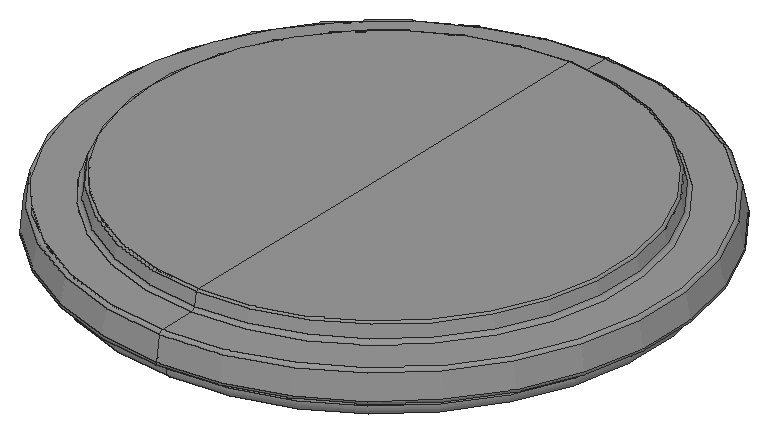
Revit family "FMK13_63_UN_Surface-mounted_ETK", category Lighting Fixtures, Revit 2017 (continued)
Definition of nested family "FMK.1 - Lightsource"
  Types (13, lengths in mm): name | Wattage Comments | Photometric Web File | built-in parameter 1150142 | Apparent Load
    FMK.1109.10 - Ø250x48 / 12W | "12W" | "FMK.1109.10.ies" | "IESNA:LM-63-2002\r\n[TEST] /2015\r\n[TESTLAB] ies2eulumdat.appspot.com\r\n[ISSUEDATE] 2021-06-16T09:00:21.829\r\n[MANUFAC] www.etk.nl\r\n[LUMCAT] FMK.1109.10\r\n[LUMINAIRE] FMK.1 LED 12W 3000/4000/5700K ø250 niet dimbaar\r\n[LAMPCAT] LED\r\n[LAMP] LED\r\nTILT=NONE\r\n1\t1150\t1\t46\t180\t1\t2\t-0.250\t-0.250\t0\r\n1.0\t1.0\t11.80\r\n0\t 2\t 4\t 6\t 8\t 10\t 12\t 14\t 16\t 18\r\n20\t 22\t 24\t 26\t 28\t 30\t 32\t 34\t 36\t 38\r\n40\t 42\t 44\t 46\t 48\t 50\t 52\t 54\t 56\t 58\r\n60\t 62\t 64\t 66\t 68\t 70\t 72\t 74\t 76\t 78\r\n80\t 82\t 84\t 86\t 88\t 90\r\n0\t 2\t 4\t 6\t 8\t 10\t 12\t 14\t 16\t 18\r\n20\t 22\t 24\t 26\t 28\t 30\t 32\t 34\t 36\t 38\r\n40\t 42\t 44\t 46\t 48\t 50\t 52\t 54\t 56\t 58\r\n60\t 62\t 64\t 66\t 68\t 70\t 72\t 74\t 76\t 78\r\n80\t 82\t 84\t 86\t 88\t 90\t 92\t 94\t 96\t 98\r\n100\t 102\t 104\t 106\t 108\t 110\t 112\t 114\t 116\t 118\r\n120\t 122\t 124\t 126\t 128\t 130\t 132\t 134\t 136\t 138\r\n140\t 142\t 144\t 146\t 148\t 150\t 152\t 154\t 156\t 158\r\n160\t 162\t 164\t 166\t 168\t 170\t 172\t 174\t 176\t 178\r\n180\t 182\t 184\t 186\t 188\t 190\t 192\t 194\t 196\t 198\r\n200\t 202\t 204\t 206\t 208\t 210\t 212\t 214\t 216\t 218\r\n220\t 222\t 224\t 226\t 228\t 230\t 232\t 234\t 236\t 238\r\n240\t 242\t 244\t 246\t 248\t 250\t 252\t 254\t 256\t 258\r\n260\t 262\t 264\t 266\t 268\t 270\t 272\t 274\t 276\t 278\r\n280\t 282\t 284\t 286\t 288\t 290\t 292\t 294\t 296\t 298\r\n300\t 302\t 304\t 306\t 308\t 310\t 312\t 314\t 316\t 318\r\n320\t 322\t 324\t 326\t 328\t 330\t 332\t 334\t 336\t 338\r\n340\t 342\t 344\t 346\t 348\t 350\t 352\t 354\t 356\t 358\r\n\r\n405.3384\t404.7765\t404.2265\t402.9975\t401.1013\t399.2051\t395.3191\t391.4331\t387.5471\t383.661\r\n379.7751\t373.4779\t367.169\t360.8717\t354.5746\t348.2657\t339.7094\t331.1415\t322.5852\t314.029\r\n305.461\t294.8096\t284.1582\t273.5069\t262.8555\t252.2041\t239.7267\t227.261\t214.7837\t202.3181\r\n189.8525\t177.3751\t164.9094\t152.432\t139.9664\t127.4891\t0\t0\t0\t0\r\n0\t0\t0\t0\t0\t0\r\n405.3384\t404.7925\t404.2577\t403.0448\t401.1686\t399.2994\t395.4335\t391.5606\t387.7102\t383.8203\r\n379.9334\t373.6444\t367.3443\t361.0453\t354.7325\t348.4388\t339.8983\t331.3616\t322.8117\t314.2627\r\n305.722\t295.0872\t284.4404\t273.8022\t263.1576\t252.5163\t240.0548\t227.5873\t215.131\t202.664\r\n190.1945\t177.7378\t165.2697\t152.8012\t140.3312\t128.1946\t0.3296\t0\t0\t0\r\n0\t0\t0\t0\t0\t0\r\n405.3384\t404.8094\t404.2892\t403.0935\t401.2796\t399.4809\t395.6213\t391.7396\t387.8385\t383.9437\r\n380.072\t373.802\t367.5085\t361.2065\t354.9129\t348.6531\t340.137\t331.5961\t323.0451\t314.5012\r\n305.9895\t295.3818\t284.734\t274.0862\t263.4264\t252.8071\t240.376\t227.9231\t215.4572\t202.995\r\n190.53\t178.0631\t165.6056\t153.1389\t140.6717\t129.4859\t1.3419\t0\t0\t0\r\n0\t0\t0\t0\t0\t0\r\n405.3384\t404.8271\t404.3209\t403.1488\t401.3532\t399.5783\t395.7291\t391.8382\t387.9181\t384.0265\r\n380.1901\t373.9544\t367.6616\t361.3486\t355.0482\t348.8012\t340.3437\t331.8018\t323.2501\t314.6929\r\n306.2129\t295.662\t285.012\t274.3604\t263.7094\t253.1247\t240.74\t228.2758\t215.8122\t203.3491\r\n190.8749\t178.4127\t165.9503\t153.4898\t141.027\t131.3458\t3.1025\t0\t0\t0\r\n0\t0\t0\t0\t0\t0\r\n405.3384\t404.8458\t404.3591\t403.1978\t401.4167\t399.6486\t395.7816\t391.8937\t388.0038\t384.1068\r\n380.2987\t374.1143\t367.817\t361.5156\t355.2003\t348.9967\t340.5979\t332.043\t323.4957\t314.942\r\n306.4955\t295.9896\t285.3021\t274.6328\t263.9659\t253.4202\t241.0823\t228.6129\t216.1591\t203.6915\r\n191.2234\t178.7558\t166.3001\t153.8352\t141.371\t133.6544\t5.718\t0\t0\t0\r\n0\t0\t0\t0\t0\t0\r\n405.3384\t404.8652\t404.3908\t403.2459\t401.4706\t399.6646\t395.8675\t391.9843\t388.0857\t384.1821\r\n380.4316\t374.3456\t368.0256\t361.7021\t355.3697\t349.2\t340.8799\t332.2872\t323.6935\t315.0968\r\n306.6804\t296.3012\t285.6181\t274.9391\t264.248\t253.707\t241.4578\t228.9766\t216.4988\t204.0245\r\n191.5571\t179.0864\t166.6186\t154.1544\t141.6922\t136.24\t9.3369\t0\t0\t0\r\n0\t0\t0\t0\t0\t0\r\n405.3384\t404.8854\t404.4219\t403.2933\t401.5055\t399.7186\t395.9651\t392.0842\t388.1903\t384.3067\r\n380.5784\t374.5562\t368.2162\t361.8639\t355.4958\t349.3364\t341.1183\t332.5123\t323.9013\t315.2964\r\n306.9063\t296.6299\t285.9122\t275.1976\t264.4831\t253.9575\t241.8218\t229.3201\t216.8328\t204.3396\r\n191.8483\t179.3695\t166.8926\t154.4222\t141.9565\t138.8551\t14.1501\t0\t0\t0\r\n0\t0\t0\t0\t0\t0\r\n405.3384\t404.9066\t404.4521\t403.3398\t401.5506\t399.7766\t396.0731\t392.2029\t388.3231\t384.3922\r\n380.6589\t374.7488\t368.3792\t361.9898\t355.5837\t349.4181\t341.3685\t332.7528\t324.1099\t315.4532\r\n307.0598\t296.9581\t286.2249\t275.4731\t264.7159\t254.1799\t242.1928\t229.6762\t217.1659\t204.6692\r\n192.1717\t179.6758\t167.1817\t154.6978\t142.2295\t141.3105\t20.401\t0\t0\t0\r\n0\t0\t0\t0\t0\t0\r\n405.3384\t404.9688\t404.4817\t403.3908\t401.5946\t399.8358\t396.2032\t392.3475\t388.4203\t384.4425\r\n380.7195\t374.9437\t368.5473\t362.1238\t355.6851\t349.5134\t341.9282\t332.9785\t324.3069\t315.6402\r\n306.9436\t297.5694\t286.5262\t275.7395\t264.9593\t254.1623\t242.7912\t230.0358\t217.5005\t204.986\r\n192.4711\t179.9636\t167.4644\t154.9748\t142.4941\t143.2492\t28.3764\t0\t0\t0\r\n0\t0\t0\t0\t0\t0\r\n405.3384\t404.9901\t404.5102\t403.434\t401.6375\t399.8986\t396.3675\t392.4653\t388.4946\t384.4886\r\n380.7515\t375.1532\t368.7296\t362.2829\t355.7949\t349.2691\t342.1908\t333.257\t324.528\t315.7751\r\n307.0363\t297.9246\t286.8722\t276.0236\t265.1733\t254.3419\t243.18\t230.433\t217.8766\t205.3224\r\n192.7845\t180.2462\t167.7206\t155.2142\t142.724\t144.3059\t38.4235\t0\t0\t0\r\n0\t0\t0\t0\t0\t0\r\n405.3384\t405.0108\t404.5376\t403.4745\t401.6757\t399.9613\t396.5103\t392.5677\t388.5717\t384.5293\r\n380.4421\t375.6788\t368.9428\t362.4278\t355.8852\t349.3419\t342.4468\t333.4846\t324.7196\t315.9401\r\n307.1422\t298.1755\t287.1691\t276.2852\t265.4162\t254.5351\t243.54\t230.8321\t218.2158\t205.6051\r\n193.0422\t180.5018\t167.9628\t155.4439\t142.9509\t130.4715\t80.1717\t0\t0\t0\r\n0\t0\t0\t0\t0\t0\r\n405.3384\t405.0308\t404.5638\t403.5122\t401.7197\t400.0344\t396.6479\t392.675\t388.642\t384.5539\r\n380.446\t375.8849\t369.1475\t362.5941\t356.0076\t349.3402\t342.606\t333.7678\t324.9507\t316.0958\r\n307.1888\t298.3823\t287.5427\t276.5987\t265.6547\t254.6769\t243.7733\t231.1892\t218.5583\t205.9536\r\n193.3574\t180.7795\t168.2176\t155.6732\t143.1664\t130.6811\t92.6587\t0\t0\t0\r\n0\t0\t0\t0\t0\t0\r\n405.3384\t405.0504\t404.5956\t403.547\t401.7653\t400.0733\t397.0342\t392.7846\t388.7175\t384.6009\r\n380.4658\t376.0643\t369.3866\t362.7735\t356.0799\t349.3699\t342.7566\t334.0832\t325.1628\t316.2179\r\n307.2752\t298.5357\t287.9146\t276.8913\t265.8705\t254.8646\t244.0337\t231.6235\t218.9315\t206.265\r\n193.6356\t181.0339\t168.4572\t155.9156\t143.3861\t130.8825\t104.473\t0\t0\t0\r\n0\t0\t0\t0\t0\t0\r\n405.3384\t405.0692\t404.6173\t403.5726\t401.812\t400.0922\t397.1653\t392.8976\t388.795\t384.6787\r\n380.4567\t376.1942\t369.6246\t362.9226\t356.2055\t349.4272\t342.8367\t334.3769\t325.3805\t316.3703\r\n307.3625\t298.3377\t288.5546\t277.2123\t266.1258\t255.0391\t244.1559\t232.0335\t219.3073\t206.6258\r\n193.9576\t181.3129\t168.7045\t156.1324\t143.5875\t131.0872\t115.0185\t0\t0\t0\r\n0\t0\t0\t0\t0\t0\r\n405.3384\t405.0876\t404.6362\t403.6022\t401.8688\t399.828\t397.2783\t392.9976\t388.9023\t384.7385\r\n380.4432\t376.2623\t369.8607\t363.1303\t356.3361\t349.4819\t342.5273\t334.9205\t325.6274\t316.563\r\n307.4647\t298.325\t288.8953\t277.552\t266.3836\t255.2249\t244.066\t232.6598\t219.71\t206.9637\r\n194.2635\t181.5828\t168.9417\t156.3369\t143.7678\t131.2452\t123.6219\t0\t0\t0\r\n0\t0\t0\t0\t0\t0\r\n405.3384\t405.1054\t404.6527\t403.6299\t401.9954\t399.8313\t397.3825\t393.1311\t389.0376\t384.7914\r\n380.4256\t376.2601\t370.1442\t363.3441\t356.5\t349.5195\t342.4467\t335.1645\t325.9313\t316.7695\r\n307.548\t298.3169\t289.1161\t277.9297\t266.651\t255.4032\t244.1853\t232.9715\t220.1319\t207.3312\r\n194.5444\t181.8166\t169.148\t156.5181\t143.9438\t131.4005\t129.5504\t10.7169\t0\t0\r\n0\t0\t0\t0\t0\t0\r\n405.3384\t405.1227\t404.6665\t403.6558\t402.0282\t399.8387\t397.4732\t393.2952\t389.1616\t384.8421\r\n380.4176\t375.9014\t370.721\t363.6037\t356.6569\t349.5494\t342.4061\t335.3294\t326.2421\t316.9739\r\n307.6665\t298.3454\t289.1781\t278.2878\t266.963\t255.6467\t244.3238\t233.1536\t220.5163\t207.6577\r\n194.8355\t182.0686\t169.3482\t156.6677\t144.0408\t131.4715\t131.8453\t25.923\t0\t0\r\n0\t0\t0\t0\t0\t0\r\n405.3384\t405.1396\t404.6776\t403.6776\t402.0538\t399.8619\t397.5341\t393.5083\t389.2881\t384.8846\r\n380.4261\t375.832\t370.9139\t363.9038\t356.8028\t349.6355\t342.4017\t335.332\t326.5796\t317.2212\r\n307.8198\t298.3417\t288.8594\t278.9905\t267.339\t255.8866\t244.4302\t233.0061\t221.1259\t208.0094\r\n195.1274\t182.2902\t169.5075\t156.7928\t144.1389\t131.538\t118.9821\t72.5747\t0\t0\r\n0\t0\t0\t0\t0\t0\r\n405.3384\t405.1559\t404.686\t403.7113\t402.0482\t399.882\t397.6063\t393.7003\t389.4083\t384.9648\r\n380.4586\t375.7543\t371.0891\t364.165\t357.0131\t349.7518\t342.4103\t334.9484\t327.1548\t317.4999\r\n307.9709\t298.3923\t288.8332\t279.2321\t267.7019\t256.1485\t244.593\t233.049\t221.4516\t208.379\r\n195.4187\t182.5259\t169.6952\t156.9157\t144.2105\t131.5685\t118.9925\t91.6472\t0\t0\r\n0\t0\t0\t0\t0\t0\r\n405.3384\t405.1718\t404.6918\t403.7304\t402.0748\t399.9057\t397.6713\t393.8957\t389.5114\t385.088\r\n380.4979\t375.7076\t371.0587\t364.4889\t357.2386\t349.9042\t342.4218\t334.8539\t327.2884\t317.8216\r\n308.1836\t298.5219\t288.784\t279.2695\t268.1369\t256.4569\t244.7869\t233.1079\t221.6219\t208.7797\r\n195.7476\t182.7712\t169.842\t157.0084\t144.2669\t131.5897\t118.9856\t106.3522\t0\t0\r\n0\t0\t0\t0\t0\t0\r\n405.3384\t405.1872\t404.677\t403.7455\t402.1069\t399.9332\t397.7438\t394.3242\t389.6719\t385.2237\r\n380.5442\t375.6807\t370.6129\t365.0631\t357.5309\t350.0674\t342.4859\t334.7817\t327.2448\t318.4473\r\n308.4635\t298.6371\t288.784\t278.8955\t268.7927\t256.8209\t244.9966\t233.2361\t221.4851\t209.3772\r\n196.0586\t182.9925\t170.014\t157.1221\t144.303\t131.5659\t118.922\t115.4507\t0.7529\t0\r\n0\t0\t0\t0\t0\t0\r\n405.3384\t405.2023\t404.5924\t403.7567\t402.1445\t399.9518\t397.5215\t394.4699\t389.8906\t385.382\r\n380.6063\t375.6074\t370.4961\t365.1827\t357.8531\t350.2794\t342.5728\t334.767\t326.8088\t318.7303\r\n308.7717\t298.8224\t288.8326\t278.8036\t268.8778\t257.2662\t245.3121\t233.3885\t221.4719\t209.6291\r\n196.4163\t183.2663\t170.1886\t157.217\t144.3317\t131.5459\t118.8227\t106.1876\t17.4697\t0\r\n0\t0\t0\t0\t0\t0\r\n405.3384\t405.217\t404.5944\t403.7643\t402.2164\t399.9969\t397.5215\t394.5348\t390.1198\t385.5481\r\n380.6842\t375.579\t370.3695\t365.1761\t358.5091\t350.5396\t342.7377\t334.7731\t326.7113\t318.7291\r\n309.1553\t299.0695\t288.9289\t278.7193\t268.5571\t257.9194\t245.6422\t233.5555\t221.5159\t209.6959\r\n196.8141\t183.564\t170.3986\t157.3153\t144.3298\t131.4311\t118.6433\t105.963\t65.2493\t0\r\n0\t0\t0\t0\t0\t0\r\n405.3384\t405.2314\t404.597\t403.7683\t402.259\t400.1387\t397.5142\t394.6254\t390.3718\t385.7346\r\n380.7618\t375.6336\t370.2359\t364.7113\t358.7633\t350.8369\t342.942\t334.8576\t326.6208\t318.2983\r\n309.7123\t299.3766\t289.0811\t278.7695\t268.3526\t258.0866\t246.0418\t233.822\t221.6258\t209.5032\r\n197.3492\t183.8918\t170.5912\t157.4067\t144.3357\t131.3476\t118.48\t105.7362\t86.9291\t0\r\n0\t0\t0\t0\t0\t0\r\n405.3384\t405.2454\t404.6007\t403.7691\t402.2969\t400.2013\t397.5194\t394.7022\t390.8756\t385.9297\r\n380.8283\t375.6809\t370.2029\t364.5257\t358.7975\t351.2443\t343.1931\t334.9798\t326.6184\t318.1094\r\n309.6994\t299.7814\t289.3562\t278.8261\t268.235\t257.6488\t246.725\t234.1375\t221.8235\t209.5282\r\n197.4412\t184.2693\t170.8692\t157.5318\t144.3183\t131.2485\t118.3192\t105.4985\t99.8452\t0\r\n0\t0\t0\t0\t0\t0\r\n405.3384\t405.2465\t404.6055\t403.7327\t402.33\t400.28\t397.5374\t394.7758\t391.1064\t386.1222\r\n380.9814\t375.6963\t370.1916\t364.3689\t358.3019\t351.8681\t343.551\t335.1761\t326.6651\t318.0094\r\n309.224\t300.3263\t289.676\t278.9673\t268.2109\t257.4449\t246.79\t234.5954\t222.0662\t209.6096\r\n197.2538\t184.796\t171.1111\t157.6776\t144.3725\t131.1929\t118.1378\t105.2239\t92.4606\t7.417\r\n0\t0\t0\t0\t0\t0\r\n405.3384\t405.26\t404.6117\t403.7331\t402.3583\t400.3318\t397.5727\t394.5667\t391.2865\t386.3445\r\n381.2477\t375.7985\t370.1959\t364.244\t358.0878\t351.9228\t343.9437\t335.4465\t326.8059\t317.9911\r\n309.0489\t300.2024\t290.2985\t279.2004\t268.2951\t257.2789\t246.344\t235.2056\t222.4167\t209.7955\r\n197.2042\t184.8605\t171.4948\t157.9091\t144.4487\t131.1247\t117.9609\t104.9565\t92.1149\t52.9313\r\n0\t0\t0\t0\t0\t0\r\n405.3384\t405.2736\t404.6193\t403.7351\t402.3811\t400.3748\t397.6302\t394.5872\t391.3781\t386.8119\r\n381.4951\t375.9993\t370.2514\t364.1293\t357.9116\t351.3889\t344.5079\t335.822\t327.0416\t318.0736\r\n308.9557\t299.6921\t290.3569\t279.5927\t268.421\t257.3226\t246.1\t234.903\t222.8814\t210.0311\r\n197.2958\t184.6475\t172.0079\t158.165\t144.5452\t131.0796\t117.7978\t104.7315\t91.8426\t76.8551\r\n0\t0\t0\t0\t0\t0\r\n405.3384\t405.2871\t404.6284\t403.7382\t402.383\t400.4092\t397.8019\t394.6157\t391.382\t386.9759\r\n381.7537\t376.2214\t370.3501\t364.1175\t357.7917\t351.1064\t344.4201\t336.5393\t327.3814\t318.2587\r\n308.9705\t299.4656\t289.8818\t280.0753\t268.8078\t257.4031\t245.984\t234.5829\t223.2864\t210.4452\r\n197.4796\t184.6232\t171.8738\t158.4916\t144.6856\t131.1101\t117.7175\t104.5034\t91.5471\t87.0893\r\n0\t0\t0\t0\t0\t0\r\n405.3384\t405.3008\t404.6392\t403.7418\t402.3989\t400.4352\t397.8747\t394.6614\t391.0674\t387.1128\r\n382.2229\t376.4632\t370.4832\t364.2203\t357.7251\t350.8963\t343.8101\t336.6669\t327.8215\t318.561\r\n309.1145\t299.4337\t289.6313\t279.6987\t269.4041\t257.6346\t246.0417\t234.3777\t222.7877\t211.0609\r\n197.8041\t184.6956\t171.7174\t158.9026\t144.9461\t131.1605\t117.657\t104.3263\t91.2411\t78.3968\r\n8.6356\t0\t0\t0\t0\t0\r\n405.3384\t405.3146\t404.6518\t403.7453\t402.4116\t400.4333\t397.9374\t394.7255\t391.0189\t387.2362\r\n382.4741\t376.7553\t370.621\t364.3583\t357.712\t350.7498\t343.5434\t336.0689\t328.3754\t318.9975\r\n309.3575\t299.5473\t289.484\t279.3984\t269.2587\t258.261\t246.2079\t234.3624\t222.4746\t210.6739\r\n198.3975\t184.9162\t171.7187\t158.643\t145.2545\t131.3415\t117.6016\t104.16\t90.981\t78.0548\r\n54.1337\t0\t0\t0\t0\t0\r\n405.3384\t405.4889\t404.6945\t403.6712\t402.4205\t400.4506\t397.9834\t394.8928\t390.9998\t386.973\r\n382.6577\t377.3141\t370.8707\t364.5641\t357.7877\t350.7046\t343.3801\t335.7208\t327.8525\t319.6767\r\n309.7968\t299.7787\t289.6134\t279.2245\t268.6962\t258.2578\t246.6038\t234.4814\t222.3847\t210.2821\r\n198.4381\t185.3347\t171.8446\t158.564\t145.4985\t131.5442\t117.6455\t104.0124\t90.7095\t77.7184\r\n71.0115\t0\t0\t0\t0\t0\r\n405.3384\t405.5009\t404.7104\t403.6809\t402.4254\t400.4644\t398.0198\t394.9896\t391.014\t386.9406\r\n382.6666\t377.537\t371.2201\t364.837\t357.9545\t350.7593\t343.2926\t335.5022\t327.46\t319.1538\r\n310.4783\t300.1684\t289.8497\t279.2431\t268.5397\t257.661\t246.8589\t234.8353\t222.4783\t210.092\r\n197.8192\t185.7046\t172.2109\t158.5712\t145.1721\t131.9025\t117.7262\t103.9048\t90.5045\t77.4349\r\n64.724\t0\t0\t0\t0\t0\r\n405.3384\t405.512\t404.7274\t403.6949\t402.4256\t400.4737\t398.0459\t395.0319\t391.1349\t386.9314\r\n382.368\t377.565\t371.7894\t365.1647\t358.2122\t350.925\t343.2805\t335.4297\t327.1908\t318.7224\r\n309.9642\t300.886\t290.2777\t279.5029\t268.5805\t257.4726\t246.2239\t235.0727\t222.7881\t210.1727\r\n197.5617\t185.0625\t172.6371\t158.8143\t145.0846\t131.6118\t117.8827\t103.9322\t90.3265\t77.1744\r\n64.48\t35.0653\t0\t0\t0\t0\r\n405.3384\t405.522\t404.7455\t403.7452\t402.4209\t400.4773\t398.0588\t395.0488\t391.1753\t387.0135\r\n382.3352\t377.2242\t371.9159\t365.7147\t358.5534\t351.2243\t343.4254\t335.4792\t327.0606\t318.4772\r\n309.4696\t300.3065\t290.8705\t280.0089\t268.8629\t257.5392\t246.0377\t234.4621\t222.8965\t210.6316\r\n197.5873\t184.7291\t171.9505\t159.2993\t145.2866\t131.4601\t118.0115\t103.9741\t90.2222\t76.9361\r\n64.1798\t56.618\t0\t0\t0\t0\r\n405.3384\t405.5308\t404.7649\t403.7651\t402.3395\t400.4737\t398.0593\t395.0424\t391.207\t387.0567\r\n382.3506\t377.1527\t371.6378\t365.821\t359.1154\t351.6039\t343.7387\t335.6237\t327.116\t318.3892\r\n309.185\t299.8538\t290.1589\t280.4669\t269.6277\t257.8645\t246.1541\t234.2897\t222.3665\t210.3175\r\n198.0481\t184.7232\t171.6272\t158.6683\t145.768\t131.577\t117.6798\t104.1455\t90.1031\t76.7097\r\n63.9092\t51.7004\t0\t0\t0\t0\r\n405.3384\t405.5388\t404.7856\t403.7878\t402.34\t400.4766\t398.0469\t395.016\t391.2276\t387.086\r\n382.4782\t377.1848\t371.6139\t365.5258\t359.2193\t352.1252\t344.383\t335.9209\t327.3527\t318.4608\r\n309.1505\t299.601\t289.7392\t279.6691\t269.2868\t258.5846\t246.5891\t234.456\t222.2595\t209.9698\r\n197.5743\t185.146\t171.655\t158.2647\t145.101\t132.0467\t117.7168\t103.7776\t90.1162\t76.5416\r\n63.6537\t51.4481\t11.4644\t0\t0\t0\r\n405.3384\t405.5455\t404.8079\t403.8136\t402.3469\t400.3632\t398.021\t394.9736\t391.2361\t387.0991\r\n382.4999\t377.3413\t371.7228\t365.4801\t358.9167\t352.0852\t344.7107\t336.4982\t327.7775\t318.7203\r\n309.3167\t299.5744\t289.5996\t279.3072\t268.7148\t257.8887\t247.047\t235.2639\t222.5436\t209.9771\r\n197.2699\t184.5597\t171.885\t158.2865\t144.6692\t131.337\t118.1829\t103.7905\t89.9666\t76.4265\r\n63.4089\t51.1676\t44.0861\t0\t0\t0\r\n405.3384\t405.5513\t404.9774\t403.8429\t402.3609\t400.3505\t397.8886\t394.8898\t391.2407\t387.0953\r\n382.4979\t377.3824\t371.7634\t365.5989\t358.905\t351.812\t344.4396\t336.63\t328.3847\t319.3177\r\n309.7407\t299.8087\t289.728\t279.2246\t268.459\t257.4328\t246.1417\t234.7065\t223.2024\t210.4254\r\n197.4644\t184.3923\t171.2764\t158.1367\t144.9817\t130.9885\t117.4819\t104.1949\t89.9202\t76.3115\r\n63.1698\t50.8615\t39.4911\t0\t0\t0\r\n405.3384\t405.5559\t404.9992\t403.8756\t402.382\t400.349\t397.8573\t394.7468\t391.2145\t387.0848\r\n382.4587\t377.3893\t371.7642\t365.6347\t359.0468\t351.9462\t344.3869\t336.3706\t328.1386\t319.4674\r\n310.3444\t300.4744\t290.1739\t279.4322\t268.5321\t257.3547\t245.836\t234.1207\t222.3374\t210.1954\r\n198.078\t184.7804\t171.3331\t157.8412\t144.3958\t131.1966\t117.2105\t103.4803\t90.2145\t76.2405\r\n62.9998\t50.5463\t39.207\t5.7837\t0\t0\r\n405.
